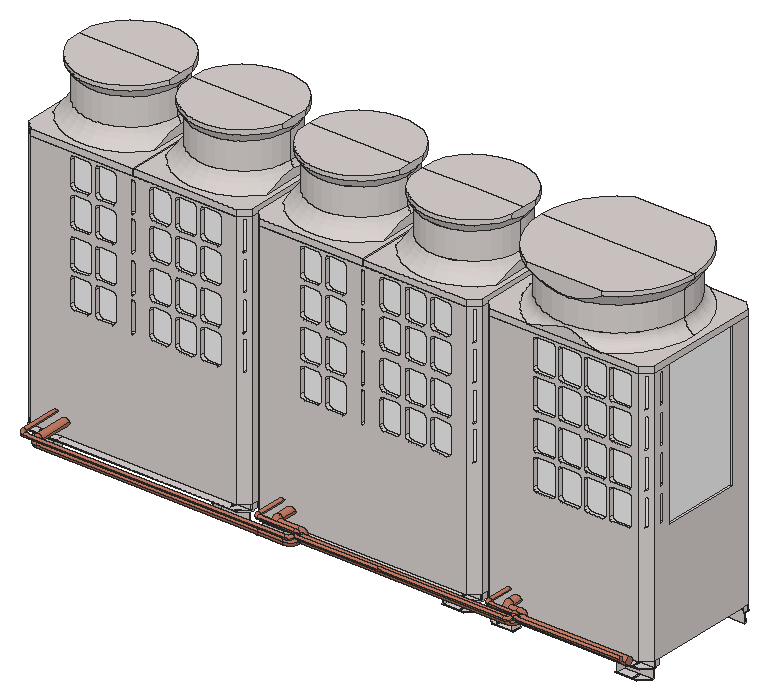
Revit family "PUHY-EP950YSNW-A", category Mechanical Equipment, Revit 2012 (continued)
Definition of nested family "PUHY-EP350YNW-A"
  Dimensions and locks
    cut or joined group 1 (Extrusion 1, Extrusion 2, Extrusion 3, Extrusion 4, Extrusion 5, Extrusion 6, Extrusion 7, Extrusion 8, Extrusion 9, Extrusion 10, Extrusion 11, Extrusion 12, Extrusion 13, Extrusion 14, Extrusion 15, Extrusion 16, Extrusion 17, Extrusion 18, Extrusion 19, Extrusion 20, Extrusion 21, Extrusion 22, Extrusion 23, Extrusion 24, Extrusion 25, Extrusion 26, Extrusion 27, Extrusion 28, Extrusion 29, Extrusion 30, Extrusion 31, Extrusion 32, Extrusion 33) to plane 3 "Center (Left/Right)" = 620 mm
    Extrusion 1 sketch curve to Extrusion 1 sketch curve = 1240 mm
    cut or joined group 1 to plane 8 = 185 mm
    cut or joined group 1 to plane 7 = 166 mm
    cut or joined group 1 to plane 6 = 110 mm
    cut or joined group 1 to plane 12 to cut or joined group 1 = 805 mm, 621 mm
    plane 5 to plane 2 = 1858 mm  (x2)
    cut or joined group 1 to plane 19 "132" = 132 mm
    cut or joined group 1 to plane 22 = 207 mm
    cut or joined group 1 to plane 23 = 256 mm
    cut or joined group 1 to plane 6 = 60 mm
    cut or joined group 1 to cut or joined group 1 = 42.154 mm
    cut or joined group 1 to cut or joined group 1 = 11.895 mm
    nested 1 to nested 3 to level = 1798 mm, 60 mm
    nested 1 to nested 1 = 303 mm
    nested 1 to nested 3 = 1495 mm
    nested 8 to nested 8 to nested 8 to nested 7 to nested 7 to nested 7 = 54 mm, 20 mm, 592 mm, 20 mm, 54 mm
    nested 3 to nested 3 = 56 mm
    plane 11 to plane 31 to plane 32 to cut or joined group 1 = 90 mm, 1060 mm, 90 mm
    curve 103 to nested 7 = 90 mm
    curve 104 to nested 7 = 125 mm
    curve 101 to nested 7 = 100 mm
    curve 11 to curve 13 to nested 7 = 84 mm, 71 mm
    cut or joined group 1 to curve 12 to curve 14 = 125 mm, 148 mm
    nested 2 to nested 7 = 1495 mm
    curve 87 to cut or joined group 1 = 152 mm
    curve 88 to cut or joined group 1 = 172 mm
    curve 89 to cut or joined group 1 = 216 mm
    cut or joined group 1 to curve 4 to curve 2 = 128 mm, 150 mm
    cut or joined group 1 to curve 1 to curve 3 = 79 mm, 94 mm
    Extrusion 32 sketch curve to nested 7 = 116 mm
    cut or joined group 1 to Extrusion 32 sketch curve = 160 mm
    cut or joined group 1 to Extrusion 33 sketch curve = 243 mm
    Extrusion 33 sketch curve to nested 7 = 116 mm
    cut or joined group 1 to cut or joined group 1 = 740 mm
    plane 30 to plane 4 = 740 mm
    aligned and locked: level to plane 2
    aligned and locked: Extrusion 1 to plane 4
  Nested families
    nested 1: "FAN GUARD" at (-311.5, 2, 860), type "FAN GUARD"
      with WIDTH 870 mm
    nested 2: "FAN GUARD" at (311.5, 2, 860) x (-1, 0, 0) z (0, 0, 1), type "FAN GUARD"
      with WIDTH 870 mm
    nested 3: "ATTACHMENT LEG" at (-524, -349, 0), type "ATTACHMENT LEG"
    nested 4: "ATTACHMENT LEG" at (-524, 349, 0), type "ATTACHMENT LEG"
    nested 5: "ATTACHMENT LEG" at (524, -349, 0) x (-1, 0, 0) z (0, 0, 1), type "ATTACHMENT LEG"
    nested 6: "ATTACHMENT LEG" at (524, 349, 0) x (-1, 0, 0) z (0, 0, 1), type "ATTACHMENT LEG"
    nested 7: "BASE LEG_L_" at (0, -352, 60), type "BASE LEG_L_"
      with Width 1240 mm
    nested 8: "BASE LEG_L_" at (0, 352, 60), type "BASE LEG_L_"
      with Width 1240 mm
  Connectors
    piping at (-460, -191, 176), driven by "Liquid pipe_radius"
      settings: on cut or joined group 1, index 3, connector radius 12.7 mm, flow factor 0, pipe flow 0.0 L/s, pressure drop 0.0 Pa, fitting loss kfactor 0, connector angle 0.00°, fixture units 0, engagement length 0 mm, flow configuration 0, flow direction 0, fitting loss method 0, system type 22, joint type 0, gender type 0, connector reference index -1, connector utility 0, adjustable connector no, is connector primary yes, fitting loss table "", connector description "Refrigerant service valve<Liquid pipe>"
    piping at (-377, -191, 176), driven by "Gas pipe_radius"
      settings: on cut or joined group 1, index 4, connector radius 14.29 mm, flow factor 0, pipe flow 0.0 L/s, pressure drop 0.0 Pa, fitting loss kfactor 0, connector angle 0.00°, fixture units 0, engagement length 0 mm, flow configuration 0, flow direction 0, fitting loss method 0, system type 22, joint type 0, gender type 0, connector reference index -1, connector utility 0, adjustable connector no, is connector primary no, fitting loss table "", connector description "Refrigerant service valve<Gas>"
    electrical at (0, -370, 808)
      settings: on cut or joined group 1, index 5, voltage 0 V, apparent load 0 VA, apparent load phase1 0 VA, apparent load phase2 0 VA, apparent load phase3 0 VA, power factor 1, load classification "HVAC", number of poles 1, system type 30, power factor state 1, is connector primary yes, connector utility no, sub classification motor no, connector description ""
  Definition of nested family "FAN GUARD"
    Parameters (values of type "FAN GUARD")
      WIDTH [instance] = 870 mm
    Reference planes
      plane 1 "中心(正面/背面)": y = -2
      plane 2: z = 0
      plane 3 "ファンガード基準面": z = 661
      plane 4: y = 368
      plane 5: x = 366
      plane 6: x = -375
      plane 7 "ファンガード基準上面": z = 695
      plane 8 "ファンガード上面": z = 998
      plane 9: x = -273.971
      plane 10: x = 308.5
      plane 11: x = -308.5
      plane 12: x = 0
    Forms (mm)
      Extrusion 1, solid, material "Paint_5Y 8/1"
        sketch origin (85, 0, 661) x (-1, 0, 0) y (0, -1, 0)
          loop
            line (343.5, -368) -> (393.5, -318) -> (393.5, 322) -> (343.5, 372) -> (-223.5, 372) -> (-223.5, -368) -> (343.5, -368)
        from 0 to 34
      Revolve 2, solid, material "Paint_5Y 8/1"
        sketch origin (0, -2, 0) x (1, 0, 0) y (0, 0, 1)
          loop
            line (0, 695) -> (0, 998) -> (-290, 998) -> (-290, 972.327) -> (-260, 928.372) -> (-260, 777.384)
            arc (-260, 777.384) -> (-290.651, 730.137) -> (-334.665, 695) r 175.882
            line (-334.665, 695) -> (0, 695)
          axis (0, 998) -> (0, 695)
        angle from 0 to 360
      Extrusion 3, void
        sketch origin (-840, 75, 695) x (-1, 0, 0) y (0, -1, 0)
          loop
            line (-410, -165) -> (-410, 315) -> (-561.253, 315) -> (-561.253, -165) -> (-410, -165)
        from -35 to 430.592
      Extrusion 4, void
        sketch origin (840, 75, 695) x (1, 0, 0) y (0, 1, 0)
          loop
            line (-410, 165) -> (-561.253, 165) -> (-561.253, -315) -> (-410, -315) -> (-410, 165)
        from 0 to 430.592
    Cuts and joins
      Extrusion 3, Extrusion 4 cuts Revolve 2
      Extrusion 4 cuts Extrusion 1
    Lines and regions (mm)
      model lines
        curve 1: line (-278.747, 0, 998) -> (-80, 0, 998)
        curve 2: line (80, 0, 998) -> (278.747, 0, 998)
        curve 3: circle (0, 0, 998) r 80 normal (0, 0, 1)
        curve 4: line (-278.747, -80, 998) -> (278.747, -80, 998)
        curve 5: line (-241.868, -160, 998) -> (241.868, -160, 998)
        curve 6: line (-162.788, -240, 998) -> (162.788, -240, 998)
        curve 7: line (-278.747, 80, 998) -> (278.747, 80, 998)
        curve 8: line (-241.868, 160, 998) -> (240, 160, 998)
        curve 9: line (-160, 240, 998) -> (162.788, 240, 998)
        curve 10: line (0, 290, 998) -> (0, -290, 998)
        curve 11: line (-20, 289.31, 998) -> (-20, -289.31, 998)
        curve 12: line (-40, 287.228, 998) -> (-40, -287.228, 998)
        curve 13: line (-60, 283.725, 998) -> (-60, -283.725, 998)
        curve 14: line (-80, 278.747, 998) -> (-80, -278.747, 998)
        curve 15: line (20, 289.31, 998) -> (20, -289.31, 998)
        curve 16: line (40, 287.228, 998) -> (40, -287.228, 998)
        curve 17: line (60, 283.725, 998) -> (60, -283.725, 998)
        curve 18: line (80, 278.747, 998) -> (80, -278.747, 998)
        curve 19: line (100, 272.213, 998) -> (100, -272.213, 998)
        curve 20: line (120, 264.008, 998) -> (120, -264.008, 998)
        curve 21: line (140, 253.969, 998) -> (140, -253.969, 998)
        curve 22: line (160, 241.868, 998) -> (160, -243.132, 998)
        curve 23: line (180, 227.376, 998) -> (180, -227.624, 998)
        curve 24: line (200, 210, 998) -> (200, -210, 998)
        curve 25: line (220, 188.944, 998) -> (220, -188.944, 998)
        curve 26: line (240, 160, 998) -> (240, -162.788, 998)
        curve 27: line (260, 128.452, 998) -> (260, -128.452, 998)
        curve 28: line (-100, 272.213, 998) -> (-100, -272.213, 998)
        curve 29: line (-120, 264.008, 998) -> (-120, -264.008, 998)
        curve 30: line (-140, 253.969, 998) -> (-140, -253.969, 998)
        curve 31: line (-160, 240, 998) -> (-160, -241.868, 998)
        curve 32: line (-180, 227.376, 998) -> (-180, -227.376, 998)
        curve 33: line (-200, 210, 998) -> (-200, -210, 998)
        curve 34: line (-220, 188.944, 998) -> (-220, -188.944, 998)
        curve 35: line (-240, 162.788, 998) -> (-240, -162.788, 998)
        curve 36: line (-260, 128.452, 998) -> (-260, -128.452, 998)
        curve 37: line (10, 79.373, 998) -> (10, -79.373, 998)
        curve 38: line (-10, 79.373, 998) -> (-10, -79.373, 998)
        curve 39: line (30, 74.162, 998) -> (30, -74.162, 998)
        curve 40: line (50, 62.45, 998) -> (50, -62.45, 998)
        curve 41: line (70, 38.73, 998) -> (70, -38.73, 998)
        curve 42: line (-30, 74.162, 998) -> (-30, -74.162, 998)
        curve 43: line (-50, 62.45, 998) -> (-50, -62.45, 998)
        curve 44: line (-70, 38.73, 998) -> (-70, -38.73, 998)
    Dimensions and locks
      locked: plane 8 "ファンガード上面" to plane 7 "ファンガード基準上面" at 303
      plane 8 "ファンガード上面" to plane 3 "ファンガード基準面" = 337 mm
      Revolve 2 sketch curve to Revolve 2 sketch curve = 290 mm
      Extrusion 1 sketch curve to Extrusion 1 sketch curve = 740 mm
      equal spacing: Extrusion 1 sketch curve, plane 1 "中心(正面/背面)", Extrusion 1 sketch curve
      plane 6 to plane 5 = 741 mm
      Extrusion 1 sketch curve to Extrusion 1 sketch curve = 617 mm
      plane 11 to plane 10 = 617 mm
      cut or joined group of Extrusion 1, Extrusion 4 to cut or joined group of Extrusion 1, Extrusion 4 = 617 mm
      cut or joined group of Extrusion 1, Extrusion 4 to cut or joined group of Extrusion 1, Extrusion 4 = 740 mm
      aligned and locked: level to plane 2
      aligned and locked: plane 7 "ファンガード基準上面" to Extrusion 1
      aligned and locked: plane 3 "ファンガード基準面" to Extrusion 1
      aligned and locked: cut or joined group of Revolve 2, Extrusion 3, Extrusion 4 to plane 8 "ファンガード上面"
  Definition of nested family "ATTACHMENT LEG"
    Parameters (values of type "ATTACHMENT LEG")
      Width = 145 mm
    Reference planes
      plane 1: z = 0
      plane 2 "中心(左/右)": x = -6
      plane 3: x = -52
      plane 4: x = 85
      plane 5: x = 93
      plane 6: y = -21
      plane 7: y = 27
      plane 8: x = -30
      plane 9: y = 39
      plane 10: z = 60
      plane 11: z = 57
      plane 12: z = 3
      plane 13: x = 82
      plane 14: y = 36
      plane 15: x = -75
      plane 16: y = 31
      plane 17 "幅": x = 93
      plane 18: y = 2.5
      plane 19: y = 21
      plane 20: y = -10
    Forms (mm)
      Extrusion 1, solid, material "Paint_5Y 8/1"
        sketch origin (0, -1, 0) x (1, 0, 0) y (0, 1, 0)
          loop
            line (-75, 36) -> (-75, 27) -> (-28, -20) -> (93, -20) -> (93, 32) -> (85, 32) -> (85, 36) -> (-75, 36)
        from 0 to 60
      Extrusion 2, void
        sketch origin (0, -3, 0) x (1, 0, 0) y (0, 0, 1)
          loop
            line (-75, 57) -> (-75, 3) -> (82, 3) -> (82, 57) -> (-75, 57)
          loop
            line (93, 57) -> (85, 57) -> (85, 3) -> (93, 3) -> (93, 57)
        from -35 to 18
      Extrusion 3, void
        sketch origin (-6, 5.5, 0) x (1, 0, 0) y (0, 1, 0)
          loop
            arc (-7, -8.5) -> (0, -15.5) -> (7, -8.5) r 7
            line (7, -8.5) -> (7, 8.5)
            arc (7, 8.5) -> (0, 15.5) -> (-7, 8.5) r 7
            line (-7, 8.5) -> (-7, -8.5)
        from 0 to 60
    Cuts and joins
      Extrusion 2, Extrusion 3 cuts Extrusion 1
    Dimensions and locks
      locked: plane 3 to plane 4 at 137
      locked: plane 3 to plane 5 at 145
      plane 6 to plane 7 = 48 mm
      locked: plane 10 to level at 60
      Extrusion 3 sketch curve to plane 2 "中心(左/右)" = 7 mm
      locked: plane 15 to plane 2 "中心(左/右)" at 69
      locked: plane 15 to plane 8 at 45
      locked: plane 6 to plane 18 at 23.5
      cut or joined group of Extrusion 1, Extrusion 2, Extrusion 3 to cut or joined group of Extrusion 1, Extrusion 2, Extrusion 3 = 168 mm
      cut or joined group of Extrusion 1, Extrusion 2, Extrusion 3 to cut or joined group of Extrusion 1, Extrusion 2, Extrusion 3 = 56 mm  (x2)
      plane 14 to plane 6 = 57 mm
      aligned and locked: level to plane 1
      aligned and locked: Extrusion 1 sketch curve to plane 4
      aligned and locked: Extrusion 1 sketch curve to plane 5
      aligned: plane 8 to Extrusion 1 sketch curve
      aligned and locked: plane 10 to Extrusion 1
      aligned and locked: Extrusion 2 sketch curve to plane 11
      aligned: plane 3 to Extrusion 2 sketch curve
      aligned and locked: plane 12 to Extrusion 2 sketch curve
      aligned and locked: Extrusion 2 sketch curve to plane 13
      aligned and locked: plane 6 to Extrusion 2
      aligned and locked: plane 11 to Extrusion 2 sketch curve
      aligned and locked: plane 5 to Extrusion 2 sketch curve
      aligned and locked: Extrusion 2 sketch curve to plane 12
      aligned and locked: Extrusion 2 sketch curve to plane 4
      aligned and locked: plane 15 to Extrusion 1 sketch curve
      aligned and locked: Extrusion 2 sketch curve to cut or joined group of Extrusion 1, Extrusion 2, Extrusion 3
      aligned and locked: Extrusion 1 to plane 16
  Definition of nested family "BASE LEG_L_"
    Parameters (values of type "BASE LEG_L_")
      Width [instance] = 1240 mm
    Reference planes
      plane 1 "中心(正面/背面)": y = 0
      plane 2: z = 0
      plane 3 "中心(左/右)": x = 0
      plane 4: x = 620
      plane 5: x = -620
      plane 6: x = -530
      plane 7: x = 530
      plane 8: y = -18
      plane 9: y = 39
      plane 10: z = 53
      plane 11: y = 42
      plane 12: y = 27
      plane 13: x = 575
      plane 14: x = -575
      plane 15: z = 8
      plane 16: y = 11.5
      plane 17: z = 35
    Forms (mm)
      Extrusion 1, solid, material "Paint_5Y 8/1"
        sketch origin (0, 0, 0) x (0, 1, 0) y (0, 0, 1)
          loop
            line (-18, 0) -> (36, 0) -> (36, 32) -> (56, 32) -> (56, 35) -> (33, 35) -> (33, 3) -> (-18, 3) -> (-18, 0)
        from -620 to 620
      Extrusion 2, void
        sketch origin (0, 0, 0) x (1, 0, 0) y (0, 1, 0)
          loop
            line (575, -18) -> (620, -18) -> (620, 27) -> (575, -18)
          loop
            line (-575, -18) -> (-620, 27) -> (-620, -18) -> (-575, -18)
        from 0 to 250
      Extrusion 3, void
        sketch origin (0, 12.023, 0) x (1, 0, 0) y (0, 1, 0)
          loop
            arc (523, -2.971) -> (530, -9.971) -> (537, -2.971) r 7
            line (537, -2.971) -> (537, 3.023)
            arc (537, 3.023) -> (530, 10.023) -> (523, 3.023) r 7
            line (523, 3.023) -> (523, -2.971)
          loop
            line (-523, -2.971) -> (-523, 3.023)
            arc (-523, 3.023) -> (-530, 10.023) -> (-537, 3.023) r 7
            line (-537, 3.023) -> (-537, -2.971)
            arc (-537, -2.971) -> (-530, -9.971) -> (-523, -2.971) r 7
        from 0 to 250
      Extrusion 4, solid, material "Paint_5Y 8/1"
        sketch origin (0, 0, -3) x (1, 0, 0) y (0, 0, 1)
          loop
            line (617, 8) -> (620, 8) -> (620, 35) -> (617, 35) -> (617, 8)
          loop
            line (-617, 8) -> (-617, 35) -> (-620, 35) -> (-620, 8) -> (-617, 8)
        from -36 to -56
      Extrusion 5, solid, material "Paint_5Y 8/1"
        sketch origin (150, 352, 0) x (1, 0, 0) y (0, 1, 0)
          loop
            line (460, -319) -> (455, -319) -> (455, -320) -> (405, -370) -> (410, -370) -> (460, -320) -> (460, -319)
        from 3 to 35
      Extrusion 6, void
        sketch origin (560, -18, 0) x (0.707107, 0.707107, 0) y (0, 0, 1)
          loop
            line (70.711, 3) -> (-6.741, 39.767) -> (-6.741, 3) -> (70.711, 3)
        from -190.256 to 23.776
      Extrusion 7, solid, material "Paint_5Y 8/1"
        sketch origin (-150, 352, 0) x (-1, 0, 0) y (0, -1, 0)
          loop
            line (460, 319) -> (460, 320) -> (410, 370) -> (405, 370) -> (455, 320) -> (455, 319) -> (460, 319)
        from 3 to 35
      Extrusion 8, void
        sketch origin (-560, -18, 0) x (0.707107, -0.707107, 0) y (0, 0, -1)
          loop
            line (-70.711, -3) -> (0, -35) -> (6.741, -35) -> (6.741, -3) -> (-70.711, -3)
        from -190.256 to 23.776
    Cuts and joins
      Extrusion 2, Extrusion 3 cuts Extrusion 1
      joined: Extrusion 1, Extrusion 4
      Extrusion 8 cuts Extrusion 7
      Extrusion 6 cuts Extrusion 5
    Dimensions and locks
      "Width": plane 5 to plane 4
      equal spacing: plane 5, plane 3 "中心(左/右)", plane 4
      locked: plane 5 to plane 6 at 90
      locked: plane 7 to plane 4 at 90
      locked: plane 8 to plane 9 at 57
      locked: plane 10 to level at 53
      locked: plane 9 to plane 11 at 3
      plane 8 to plane 12 = 45 mm
      locked: plane 13 to plane 4 at 45
      locked: plane 5 to plane 14 at 45
      equal spacing: Extrusion 3 sketch curve, plane 7, Extrusion 3 sketch curve
      equal spacing: Extrusion 3 sketch curve, plane 6, Extrusion 3 sketch curve
      locked: plane 10 to plane 15 at 45
      locked: cut or joined group of Extrusion 1, Extrusion 2, Extrusion 3, Extrusion 4 to Extrusion 4 sketch curve at 3  (x2)
      locked: plane 8 to plane 16 at 29.5
      plane 8 to plane 11 = 60 mm
      cut or joined group of Extrusion 1, Extrusion 2, Extrusion 3, Extrusion 4 to cut or joined group of Extrusion 1, Extrusion 2, Extrusion 3, Extrusion 4 = 35 mm
      aligned and locked: level to plane 2
      aligned and locked: plane 8 to Extrusion 1 sketch curve
      aligned and locked: plane 4 to Extrusion 1
      aligned and locked: Extrusion 1 to plane 5
      aligned and locked: Extrusion 2 sketch curve to plane 4
      aligned and locked: Extrusion 2 sketch curve to plane 8
      aligned and locked: plane 12 to Extrusion 2 sketch curve
      aligned and locked: plane 13 to Extrusion 2 sketch curve
      aligned and locked: plane 4 to Extrusion 4 sketch curve
      aligned and locked: plane 5 to Extrusion 4 sketch curve
      aligned and locked: cut or joined group of Extrusion 7, Extrusion 8 to cut or joined group of Extrusion 1, Extrusion 2, Extrusion 3, Extrusion 4
    Automatic sketch dimensions
      Extrusion 3 sketch curve to plane 1 "中心(正面/背面)" = 9.052 mm  (x2)
      Extrusion 3 sketch curve to plane 7 = 7 mm
      Extrusion 3 sketch curve to plane 1 "中心(正面/背面)" = 15.046 mm  (x2)
      Extrusion 3 sketch curve to plane 6 = 7 mm
      Extrusion 2 sketch curve to plane 5 = 0 mm
      plane 8 to Extrusion 2 sketch curve = 0 mm
      Extrusion 2 sketch curve to plane 14 = 0 mm
      plane 12 to Extrusion 2 sketch curve = 0 mm
      Extrusion 4 sketch curve to plane 10 = 21 mm
      plane 7 to Extrusion 5 sketch curve = 25 mm
      Extrusion 5 sketch curve to Extrusion 5 sketch curve = 5 mm  (x2)
      plane 7 to Extrusion 5 sketch curve = 75 mm
      plane 8 to Extrusion 5 sketch curve = 0 mm
      Extrusion 5 sketch curve to Extrusion 5 sketch curve = 50 mm
      Extrusion 5 sketch curve to Extrusion 5 sketch curve = 0 mm
      Extrusion 5 sketch curve to Extrusion 5 sketch curve = 1 mm
      Extrusion 6 sketch curve to Extrusion 5 = 0 mm  (x2)
      Extrusion 6 sketch curve to Extrusion 5 = 6.741 mm
      Extrusion 6 sketch curve to Extrusion 5 = 4.767 mm
      plane 6 to Extrusion 7 sketch curve = 25 mm
      Extrusion 7 sketch curve to Extrusion 7 sketch curve = 5 mm  (x2)
      Extrusion 7 sketch curve to Extrusion 7 sketch curve = 45 mm
      Extrusion 7 sketch curve to plane 8 = 0 mm
      Extrusion 7 sketch curve to Extrusion 7 sketch curve = 50 mm
      Extrusion 7 sketch curve to Extrusion 7 sketch curve = 0 mm
      Extrusion 7 sketch curve to Extrusion 7 sketch curve = 1 mm
      Extrusion 8 sketch curve to Extrusion 7 = 0 mm  (x2)
      Extrusion 7 to Extrusion 8 sketch curve = 0 mm  (x2)
      Extrusion 7 to Extrusion 8 sketch curve = 6.741 mm
      Extrusion 4 sketch curve to plane 17 = 3 mm
      Extrusion 4 sketch curve to plane 15 = 3 mm  (x2)
      Extrusion 1 sketch curve to plane 17 = 0 mm
      Extrusion 1 sketch curve to level = 0 mm
      level to Extrusion 1 sketch curve = 3 mm
      plane 9 to Extrusion 1 sketch curve = 6 mm
      plane 9 to Extrusion 1 sketch curve = 3 mm
      Extrusion 1 sketch curve to plane 17 = 3 mm
      Extrusion 1 sketch curve to plane 11 = 14 mm
Definition of nested family "PUHY-EP250YNW-A"
  Parameters (values of type "PUHY-P250YNW-A")
    Model = "PUHY-P250YNW-A"
    URL = "http://www.mitsubishielectric.com/"
    Manufacturer = "Mitsubishi Electric Corporation"
    Liquid pipe_radius = 4.76 mm
    Gas pipe_radius = 11.1 mm
  Reference planes
    plane 1 "Center (Front/Back)": y = 0
    plane 2: z = 0
    plane 3 "Center (Left/Right)": x = 0
    plane 4 "11": through (-415, 370, 1200) normal (0.7071, -0.7071, 0)
    plane 5 "22": through (-415, -370, 1200) normal (-0.7071, -0.7071, 0)
    plane 6 "44": through (460, 325, 1200) normal (-0.7071, -0.7071, 0)
    plane 7 "33": through (460, -325, 1200) normal (0.7071, -0.7071, 0)
    plane 8: z = 754.5
    plane 9: z = 909.5
    plane 10: x = -300
    plane 11: x = -217
    plane 12: y = 370
    plane 13: y = -370
    plane 14: x = -460
    plane 15: x = 460
  Forms (mm)
    Extrusion 1, solid, material "Paint_5Y 8/1"
      sketch origin (0, 0, 113) x (-1, 0, 0) y (0, -1, 0)
        loop
          line (410, -370) -> (460, -320) -> (460, 320) -> (410, 370) -> (-410, 370) -> (-460, 320) -> (-460, -320) -> (-410, -370) -> (410, -370)
      from -18 to 1408
    Extrusion 2, void
      sketch origin (410, -370, 113) x (1, 0, 0) y (0, 0, -1)
        loop
          arc (-55, -1393.5) -> (-40.858, -1387.642) -> (-35, -1373.5) r 20
          line (-35, -1373.5) -> (-35, -1238.676)
          arc (-35, -1238.676) -> (-40.858, -1224.534) -> (-55, -1218.676) r 20
          line (-55, -1218.676) -> (-139.8, -1218.676)
          arc (-139.8, -1218.676) -> (-153.942, -1224.534) -> (-159.8, -1238.676) r 20
          line (-159.8, -1238.676) -> (-159.8, -1373.5)
          arc (-159.8, -1373.5) -> (-153.942, -1387.642) -> (-139.8, -1393.5) r 20
          line (-139.8, -1393.5) -> (-55, -1393.5)
      from 0 to 20
    Extrusion 3, void
      sketch origin (270, -370, 113) x (1, 0, 0) y (0, 0, -1)
        loop
          arc (-55, -1393.5) -> (-40.858, -1387.642) -> (-35, -1373.5) r 20
          line (-35, -1373.5) -> (-35, -1238.676)
          arc (-35, -1238.676) -> (-40.858, -1224.534) -> (-55, -1218.676) r 20
          line (-55, -1218.676) -> (-139.8, -1218.676)
          arc (-139.8, -1218.676) -> (-153.942, -1224.534) -> (-159.8, -1238.676) r 20
          line (-159.8, -1238.676) -> (-159.8, -1373.5)
          arc (-159.8, -1373.5) -> (-153.942, -1387.642) -> (-139.8, -1393.5) r 20
          line (-139.8, -1393.5) -> (-55, -1393.5)
      from 0 to 20
    Extrusion 4, void
      sketch origin (130, -370, 113) x (1, 0, 0) y (0, 0, -1)
        loop
          arc (-55, -1393.5) -> (-40.858, -1387.642) -> (-35, -1373.5) r 20
          line (-35, -1373.5) -> (-35, -1238.676)
          arc (-35, -1238.676) -> (-40.858, -1224.534) -> (-55, -1218.676) r 20
          line (-55, -1218.676) -> (-139.8, -1218.676)
          arc (-139.8, -1218.676) -> (-153.942, -1224.534) -> (-159.8, -1238.676) r 20
          line (-159.8, -1238.676) -> (-159.8, -1373.5)
          arc (-159.8, -1373.5) -> (-153.942, -1387.642) -> (-139.8, -1393.5) r 20
          line (-139.8, -1393.5) -> (-55, -1393.5)
      from 0 to 20
    Extrusion 5, void
      sketch origin (-10, -370, 113) x (1, 0, 0) y (0, 0, -1)
        loop
          arc (-55, -1393.5) -> (-40.858, -1387.642) -> (-35, -1373.5) r 20
          line (-35, -1373.5) -> (-35, -1238.676)
          arc (-35, -1238.676) -> (-40.858, -1224.534) -> (-55, -1218.676) r 20
          line (-55, -1218.676) -> (-139.8, -1218.676)
          arc (-139.8, -1218.676) -> (-153.942, -1224.534) -> (-159.8, -1238.676) r 20
          line (-159.8, -1238.676) -> (-159.8, -1373.5)
          arc (-159.8, -1373.5) -> (-153.942, -1387.642) -> (-139.8, -1393.5) r 20
          line (-139.8, -1393.5) -> (-55, -1393.5)
      from 0 to 20
    Extrusion 6, void
      sketch origin (410, -370, -81) x (1, 0, 0) y (0, 0, -1)
        loop
          arc (-55, -1393.5) -> (-40.858, -1387.642) -> (-35, -1373.5) r 20
          line (-35, -1373.5) -> (-35, -1238.676)
          arc (-35, -1238.676) -> (-40.858, -1224.534) -> (-55, -1218.676) r 20
          line (-55, -1218.676) -> (-139.8, -1218.676)
          arc (-139.8, -1218.676) -> (-153.942, -1224.534) -> (-159.8, -1238.676) r 20
          line (-159.8, -1238.676) -> (-159.8, -1373.5)
          arc (-159.8, -1373.5) -> (-153.942, -1387.642) -> (-139.8, -1393.5) r 20
          line (-139.8, -1393.5) -> (-55, -1393.5)
      from 0 to 20
    Extrusion 7, void
      sketch origin (270, -370, -81) x (1, 0, 0) y (0, 0, -1)
        loop
          arc (-55, -1393.5) -> (-40.858, -1387.642) -> (-35, -1373.5) r 20
          line (-35, -1373.5) -> (-35, -1238.676)
          arc (-35, -1238.676) -> (-40.858, -1224.534) -> (-55, -1218.676) r 20
          line (-55, -1218.676) -> (-139.8, -1218.676)
          arc (-139.8, -1218.676) -> (-153.942, -1224.534) -> (-159.8, -1238.676) r 20
          line (-159.8, -1238.676) -> (-159.8, -1373.5)
          arc (-159.8, -1373.5) -> (-153.942, -1387.642) -> (-139.8, -1393.5) r 20
          line (-139.8, -1393.5) -> (-55, -1393.5)
      from 0 to 20
    Extrusion 8, void
      sketch origin (130, -370, -81) x (1, 0, 0) y (0, 0, -1)
        loop
          arc (-55, -1393.5) -> (-40.858, -1387.642) -> (-35, -1373.5) r 20
          line (-35, -1373.5) -> (-35, -1238.676)
          arc (-35, -1238.676) -> (-40.858, -1224.534) -> (-55, -1218.676) r 20
          line (-55, -1218.676) -> (-139.8, -1218.676)
          arc (-139.8, -1218.676) -> (-153.942, -1224.534) -> (-159.8, -1238.676) r 20
          line (-159.8, -1238.676) -> (-159.8, -1373.5)
          arc (-159.8, -1373.5) -> (-153.942, -1387.642) -> (-139.8, -1393.5) r 20
          line (-139.8, -1393.5) -> (-55, -1393.5)
      from 0 to 20
    Extrusion 9, void
      sketch origin (-10, -370, -81) x (1, 0, 0) y (0, 0, -1)
        loop
          arc (-55, -1393.5) -> (-40.858, -1387.642) -> (-35, -1373.5) r 20
          line (-35, -1373.5) -> (-35, -1238.676)
          arc (-35, -1238.676) -> (-40.858, -1224.534) -> (-55, -1218.676) r 20
          line (-55, -1218.676) -> (-139.8, -1218.676)
          arc (-139.8, -1218.676) -> (-153.942, -1224.534) -> (-159.8, -1238.676) r 20
          line (-159.8, -1238.676) -> (-159.8, -1373.5)
          arc (-159.8, -1373.5) -> (-153.942, -1387.642) -> (-139.8, -1393.5) r 20
          line (-139.8, -1393.5) -> (-55, -1393.5)
      from 0 to 20
    Extrusion 10, void
      sketch origin (410, -370, -287) x (1, 0, 0) y (0, 0, -1)
        loop
          arc (-55, -1393.5) -> (-40.858, -1387.642) -> (-35, -1373.5) r 20
          line (-35, -1373.5) -> (-35, -1238.676)
          arc (-35, -1238.676) -> (-40.858, -1224.534) -> (-55, -1218.676) r 20
          line (-55, -1218.676) -> (-139.8, -1218.676)
          arc (-139.8, -1218.676) -> (-153.942, -1224.534) -> (-159.8, -1238.676) r 20
          line (-159.8, -1238.676) -> (-159.8, -1373.5)
          arc (-159.8, -1373.5) -> (-153.942, -1387.642) -> (-139.8, -1393.5) r 20
          line (-139.8, -1393.5) -> (-55, -1393.5)
      from 0 to 20
    Extrusion 11, void
      sketch origin (270, -370, -287) x (1, 0, 0) y (0, 0, -1)
        loop
          arc (-55, -1393.5) -> (-40.858, -1387.642) -> (-35, -1373.5) r 20
          line (-35, -1373.5) -> (-35, -1238.676)
          arc (-35, -1238.676) -> (-40.858, -1224.534) -> (-55, -1218.676) r 20
          line (-55, -1218.676) -> (-139.8, -1218.676)
          arc (-139.8, -1218.676) -> (-153.942, -1224.534) -> (-159.8, -1238.676) r 20
          line (-159.8, -1238.676) -> (-159.8, -1373.5)
          arc (-159.8, -1373.5) -> (-153.942, -1387.642) -> (-139.8, -1393.5) r 20
          line (-139.8, -1393.5) -> (-55, -1393.5)
      from 0 to 20
    Extrusion 12, void
      sketch origin (130, -370, -287) x (1, 0, 0) y (0, 0, -1)
        loop
          arc (-55, -1393.5) -> (-40.858, -1387.642) -> (-35, -1373.5) r 20
          line (-35, -1373.5) -> (-35, -1238.676)
          arc (-35, -1238.676) -> (-40.858, -1224.534) -> (-55, -1218.676) r 20
          line (-55, -1218.676) -> (-139.8, -1218.676)
          arc (-139.8, -1218.676) -> (-153.942, -1224.534) -> (-159.8, -1238.676) r 20
          line (-159.8, -1238.676) -> (-159.8, -1373.5)
          arc (-159.8, -1373.5) -> (-153.942, -1387.642) -> (-139.8, -1393.5) r 20
          line (-139.8, -1393.5) -> (-55, -1393.5)
      from 0 to 20
    Extrusion 13, void
      sketch origin (-10, -370, -287) x (1, 0, 0) y (0, 0, -1)
        loop
          arc (-55, -1393.5) -> (-40.858, -1387.642) -> (-35, -1373.5) r 20
          line (-35, -1373.5) -> (-35, -1238.676)
          arc (-35, -1238.676) -> (-40.858, -1224.534) -> (-55, -1218.676) r 20
          line (-55, -1218.676) -> (-139.8, -1218.676)
          arc (-139.8, -1218.676) -> (-153.942, -1224.534) -> (-159.8, -1238.676) r 20
          line (-159.8, -1238.676) -> (-159.8, -1373.5)
          arc (-159.8, -1373.5) -> (-153.942, -1387.642) -> (-139.8, -1393.5) r 20
          line (-139.8, -1393.5) -> (-55, -1393.5)
      from 0 to 20
    Extrusion 14, void
      sketch origin (410, -370, -481) x (1, 0, 0) y (0, 0, -1)
        loop
          arc (-55, -1393.5) -> (-40.858, -1387.642) -> (-35, -1373.5) r 20
          line (-35, -1373.5) -> (-35, -1238.676)
          arc (-35, -1238.676) -> (-40.858, -1224.534) -> (-55, -1218.676) r 20
          line (-55, -1218.676) -> (-139.8, -1218.676)
          arc (-139.8, -1218.676) -> (-153.942, -1224.534) -> (-159.8, -1238.676) r 20
          line (-159.8, -1238.676) -> (-159.8, -1373.5)
          arc (-159.8, -1373.5) -> (-153.942, -1387.642) -> (-139.8, -1393.5) r 20
          line (-139.8, -1393.5) -> (-55, -1393.5)
      from 0 to 20
    Extrusion 15, void
      sketch origin (270, -370, -481) x (1, 0, 0) y (0, 0, -1)
        loop
          arc (-55, -1393.5) -> (-40.858, -1387.642) -> (-35, -1373.5) r 20
          line (-35, -1373.5) -> (-35, -1238.676)
          arc (-35, -1238.676) -> (-40.858, -1224.534) -> (-55, -1218.676) r 20
          line (-55, -1218.676) -> (-139.8, -1218.676)
          arc (-139.8, -1218.676) -> (-153.942, -1224.534) -> (-159.8, -1238.676) r 20
          line (-159.8, -1238.676) -> (-159.8, -1373.5)
          arc (-159.8, -1373.5) -> (-153.942, -1387.642) -> (-139.8, -1393.5) r 20
          line (-139.8, -1393.5) -> (-55, -1393.5)
      from 0 to 20
    Extrusion 16, void
      sketch origin (130, -370, -481) x (1, 0, 0) y (0, 0, -1)
        loop
          arc (-55, -1393.5) -> (-40.858, -1387.642) -> (-35, -1373.5) r 20
          line (-35, -1373.5) -> (-35, -1238.676)
          arc (-35, -1238.676) -> (-40.858, -1224.534) -> (-55, -1218.676) r 20
          line (-55, -1218.676) -> (-139.8, -1218.676)
          arc (-139.8, -1218.676) -> (-153.942, -1224.534) -> (-159.8, -1238.676) r 20
          line (-159.8, -1238.676) -> (-159.8, -1373.5)
          arc (-159.8, -1373.5) -> (-153.942, -1387.642) -> (-139.8, -1393.5) r 20
          line (-139.8, -1393.5) -> (-55, -1393.5)
      from 0 to 20
    Extrusion 17, void
      sketch origin (-10, -370, -481) x (1, 0, 0) y (0, 0, -1)
        loop
          arc (-55, -1393.5) -> (-40.858, -1387.642) -> (-35, -1373.5) r 20
          line (-35, -1373.5) -> (-35, -1238.676)
          arc (-35, -1238.676) -> (-40.858, -1224.534) -> (-55, -1218.676) r 20
          line (-55, -1218.676) -> (-139.8, -1218.676)
          arc (-139.8, -1218.676) -> (-153.942, -1224.534) -> (-159.8, -1238.676) r 20
          line (-159.8, -1238.676) -> (-159.8, -1373.5)
          arc (-159.8, -1373.5) -> (-153.942, -1387.642) -> (-139.8, -1393.5) r 20
          line (-139.8, -1393.5) -> (-55, -1393.5)
      from 0 to 20
    Extrusion 18, solid
      sketch origin (0, -189, -3) x (0, 0, -1) y (-1, 0, 0)
        loop
          circle (-179, 217) r 11.1
      from 0 to 150
    Extrusion 19, solid
      sketch origin (0, -172, -3) x (0, 0, -1) y (-1, 0, 0)
        loop
          circle (-179, 300) r 4.76
      from 0 to 150
    Extrusion 20, void
      sketch origin (-460, -320, 113) x (0, -1, 0) y (0, 0, -1)
        loop
          line (-611.5, -1236.511) -> (-611.5, -1386.5)
          arc (-611.5, -1386.5) -> (-601.5, -1396.5) -> (-591.5, -1386.5) r 10
          line (-591.5, -1386.5) -> (-591.5, -1236.511)
          arc (-591.5, -1236.511) -> (-601.5, -1226.511) -> (-611.5, -1236.511) r 10
      from 0 to 20
    Extrusion 21, void
      sketch origin (-460, -320, -87.006) x (0, -1, 0) y (0, 0, -1)
        loop
          line (-611.5, -1236.511) -> (-611.5, -1386.5)
          arc (-611.5, -1386.5) -> (-601.5, -1396.5) -> (-591.5, -1386.5) r 10
          line (-591.5, -1386.5) -> (-591.5, -1236.511)
          arc (-591.5, -1236.511) -> (-601.5, -1226.511) -> (-611.5, -1236.511) r 10
      from 0 to 20
    Extrusion 22, void
      sketch origin (-460, -320, -287.006) x (0, -1, 0) y (0, 0, -1)
        loop
          line (-611.5, -1236.511) -> (-611.5, -1386.5)
          arc (-611.5, -1386.5) -> (-601.5, -1396.5) -> (-591.5, -1386.5) r 10
          line (-591.5, -1386.5) -> (-591.5, -1236.511)
          arc (-591.5, -1236.511) -> (-601.5, -1226.511) -> (-611.5, -1236.511) r 10
      from 0 to 20
    Extrusion 23, void
      sketch origin (-460, -320, -479.506) x (0, -1, 0) y (0, 0, -1)
        loop
          line (-611.5, -1244.006) -> (-611.5, -1379.006)
          arc (-611.5, -1379.006) -> (-601.5, -1389.006) -> (-591.5, -1379.006) r 10
          line (-591.5, -1379.006) -> (-591.5, -1244.006)
          arc (-591.5, -1244.006) -> (-601.5, -1234.006) -> (-611.5, -1244.006) r 10
      from 0 to 20
    Extrusion 24, void
      sketch origin (-460, -320, 113) x (0, -1, 0) y (0, 0, -1)
        loop
          line (-543, -1408) -> (-215, -1408) -> (-215, -632) -> (-543, -632) -> (-543, -1408)
      from 0 to 20
    Extrusion 25, void
      sketch origin (-410, 370, 113) x (0.707107, 0.707107, 0) y (0, 0, 1)
        loop
          line (-27.158, 1236.539) -> (-27.158, 1386.461)
          arc (-27.158, 1386.461) -> (-37.158, 1396.461) -> (-47.158, 1386.461) r 10
          line (-47.158, 1386.461) -> (-47.158, 1236.539)
          arc (-47.158, 1236.539) -> (-37.158, 1226.539) -> (-27.158, 1236.539) r 10
        loop
          line (-27.158, 1036.539) -> (-27.158, 1186.461)
          arc (-27.158, 1186.461) -> (-37.158, 1196.461) -> (-47.158, 1186.461) r 10
          line (-47.158, 1186.461) -> (-47.158, 1036.539)
          arc (-47.158, 1036.539) -> (-37.158, 1026.539) -> (-27.158, 1036.539) r 10
        loop
          line (-27.158, 836.539) -> (-27.158, 986.461)
          arc (-27.158, 986.461) -> (-37.158, 996.461) -> (-47.158, 986.461) r 10
          line (-47.158, 986.461) -> (-47.158, 836.539)
          arc (-47.158, 836.539) -> (-37.158, 826.539) -> (-27.158, 836.539) r 10
        loop
          line (-27.158, 652.5) -> (-27.158, 785.5)
          arc (-27.158, 785.5) -> (-37.158, 795.5) -> (-47.158, 785.5) r 10
          line (-47.158, 785.5) -> (-47.158, 652.5)
          arc (-47.158, 652.5) -> (-37.158, 642.5) -> (-27.158, 652.5) r 10
      from 0 to 20
    Extrusion 26, void
      sketch origin (460, -320, 113) x (0.707107, 0.707107, 0) y (0, 0, -1)
        loop
          arc (-25.5, -1236.423) -> (-35.5, -1226.423) -> (-45.5, -1236.423) r 10
          line (-45.5, -1236.423) -> (-45.5, -1386.487)
          arc (-45.5, -1386.487) -> (-35.5, -1396.487) -> (-25.5, -1386.487) r 10
          line (-25.5, -1386.487) -> (-25.5, -1236.423)
      from 0 to 20
    Extrusion 27, void
      sketch origin (460, -320, -86.884) x (0.707107, 0.707107, 0) y (0, 0, -1)
        loop
          arc (-25.5, -1236.423) -> (-35.5, -1226.423) -> (-45.5, -1236.423) r 10
          line (-45.5, -1236.423) -> (-45.5, -1386.487)
          arc (-45.5, -1386.487) -> (-35.5, -1396.487) -> (-25.5, -1386.487) r 10
          line (-25.5, -1386.487) -> (-25.5, -1236.423)
      from 0 to 20
    Extrusion 28, void
      sketch origin (460, -320, -286.884) x (0.707107, 0.707107, 0) y (0, 0, -1)
        loop
          arc (-25.5, -1236.423) -> (-35.5, -1226.423) -> (-45.5, -1236.423) r 10
          line (-45.5, -1236.423) -> (-45.5, -1386.487)
          arc (-45.5, -1386.487) -> (-35.5, -1396.487) -> (-25.5, -1386.487) r 10
          line (-25.5, -1386.487) -> (-25.5, -1236.423)
      from 0 to 20
    Extrusion 29, void
      sketch origin (460, -320, -487.987) x (0.707107, 0.707107, 0) y (0, 0, -1)
        loop
          arc (-25.5, -1253.487) -> (-35.5, -1243.487) -> (-45.5, -1253.487) r 10
          line (-45.5, -1253.487) -> (-45.5, -1386.487)
          arc (-45.5, -1386.487) -> (-35.5, -1396.487) -> (-25.5, -1386.487) r 10
          line (-25.5, -1386.487) -> (-25.5, -1253.487)
      from 0 to 20
    Extrusion 30, void
      sketch origin (460, 320, 113) x (0, 1, 0) y (0, 0, -1)
        loop
          line (-604, -1236.423) -> (-604, -1386.487)
          arc (-604, -1386.487) -> (-594, -1396.487) -> (-584, -1386.487) r 10
          line (-584, -1386.487) -> (-584, -1236.423)
          arc (-584, -1236.423) -> (-594, -1226.423) -> (-604, -1236.423) r 10
        loop
          line (-604, -1036.539) -> (-604, -1186.603)
          arc (-604, -1186.603) -> (-594, -1196.603) -> (-584, -1186.603) r 10
          line (-584, -1186.603) -> (-584, -1036.539)
          arc (-584, -1036.539) -> (-594, -1026.539) -> (-604, -1036.539) r 10
        loop
          line (-604, -836.539) -> (-604, -986.603)
          arc (-604, -986.603) -> (-594, -996.603) -> (-584, -986.603) r 10
          line (-584, -986.603) -> (-584, -836.539)
          arc (-584, -836.539) -> (-594, -826.539) -> (-604, -836.539) r 10
        loop
          line (-604, -652.5) -> (-604, -785.5)
          arc (-604, -785.5) -> (-594, -795.5) -> (-584, -785.5) r 10
          line (-584, -785.5) -> (-584, -652.5)
          arc (-584, -652.5) -> (-594, -642.5) -> (-604, -652.5) r 10
      from 0 to 20
    Extrusion 31, void
      sketch origin (460, 320, 113) x (0, 1, 0) y (0, 0, -1)
        loop
          line (-542, -1408) -> (-100, -1408) -> (-100, -611.5) -> (-542, -611.5) -> (-542, -1408)
      from 0 to 20
    Extrusion 32, void
      sketch origin (-410, 370, 113) x (-1, 0, 0) y (0, 0, -1)
        loop
          line (-718, -1408) -> (-47, -1408) -> (-47, -613) -> (-718, -613) -> (-718, -1408)
      from 0 to 20
  Cuts and joins
    Extrusion 2, Extrusion 3, Extrusion 4, Extrusion 5, Extrusion 6, Extrusion 7, Extrusion 8, Extrusion 9, Extrusion 10, Extrusion 11, Extrusion 12, Extrusion 13, Extrusion 14, Extrusion 15, Extrusion 16, Extrusion 17, Extrusion 20, Extrusion 21, Extrusion 22, Extrusion 23, Extrusion 24, Extrusion 25, Extrusion 26, Extrusion 27, Extrusion 28, Extrusion 29, Extrusion 30, Extrusion 31, Extrusion 32 cuts Extrusion 1
  Lines and regions (mm)
    model lines
      curve 1: line (-390, -370, 716) -> (390, -370, 716)
      curve 2: line (-390, -370, 1521) -> (-390, -370, 95)
      curve 3: line (390, -370, 1521) -> (390, -370, 95)
      curve 4: line (-172, -370, 95) -> (-172, -370, 207.5)
      curve 5: line (390, -370, 224.5) -> (199, -370, 224.5)
      curve 6: line (172, -370, 197.5) -> (172, -370, 95)
      curve 7: arc (-189, -370, 224.5) -> (-176.979, -370, 219.521) -> (-172, -370, 207.5) r 17
      curve 8: arc (199, -370, 224.5) -> (179.908, -370, 216.592) -> (172, -370, 197.5) r 27
      curve 9: line (-192, -291, 95) -> (-322, -291, 95)
      curve 10: line (-182, -207, 95) -> (-182, -281, 95)
      curve 11: line (-322, -197, 95) -> (-192, -197, 95)
      curve 12: line (-332, -281, 95) -> (-332, -207, 95)
      curve 13: arc (-332, -281, 95) -> (-329.071, -288.071, 95) -> (-322, -291, 95) r 10
      curve 14: arc (-192, -291, 95) -> (-184.929, -288.071, 95) -> (-182, -281, 95) r 10
      curve 15: arc (-182, -207, 95) -> (-184.929, -199.929, 95) -> (-192, -197, 95) r 10
      curve 16: arc (-322, -197, 95) -> (-329.071, -199.929, 95) -> (-332, -207, 95) r 10
      curve 25: line (-219, -370, 1521) -> (-219, -370, 716)
      curve 26: line (-189, -370, 224.5) -> (-390, -370, 224.5)
      curve 27: circle (308, -185, 95) r 26 normal (0, 0, 1)
      curve 28: circle (288, -260, 95) r 32.5 normal (0, 0, 1)
      curve 29: circle (244, -204, 95) r 17 normal (0, 0, 1)
      curve 30: line (-460, 243, 1521) -> (-460, 243, 95)
      curve 32: line (-460, 243, 705) -> (-460, -155, 705)
      curve 33: line (-460, -155, 95) -> (-460, -155, 1521)
      curve 34: line (-460, 223, 1521) -> (-460, 223, 705)
      curve 35: line (-460, -105, 1521) -> (-460, -105, 705)
      curve 36: line (-460, -95.983, 267.745) -> (-460, 184, 267.745)
      curve 37: line (-460, 184, 247.745) -> (-460, -95.983, 247.745)
      curve 38: arc (-460, -95.983, 247.745) -> (-460, -105.983, 257.745) -> (-460, -95.983, 267.745) r 10
      curve 39: arc (-460, 184, 267.745) -> (-460, 194, 257.745) -> (-460, 184, 247.745) r 10
      curve 40: line (-460, -95.983, 372.745) -> (-460, 184, 372.745)
      curve 41: line (-460, 184, 352.745) -> (-460, -95.983, 352.745)
      curve 42: arc (-460, -95.983, 352.745) -> (-460, -105.983, 362.745) -> (-460, -95.983, 372.745) r 10
      curve 43: arc (-460, 184, 372.745) -> (-460, 194, 362.745) -> (-460, 184, 352.745) r 10
      curve 44: line (-460, -95.983, 477.745) -> (-460, 184, 477.745)
      curve 45: line (-460, 184, 457.745) -> (-460, -95.983, 457.745)
      curve 46: arc (-460, -95.983, 457.745) -> (-460, -105.983, 467.745) -> (-460, -95.983, 477.745) r 10
      curve 47: arc (-460, 184, 477.745) -> (-460, 194, 467.745) -> (-460, 184, 457.745) r 10
      curve 48: line (-460, -95.983, 582.745) -> (-460, 184, 582.745)
      curve 49: line (-460, 184, 562.745) -> (-460, -95.983, 562.745)
      curve 50: arc (-460, -95.983, 562.745) -> (-460, -105.983, 572.745) -> (-460, -95.983, 582.745) r 10
      curve 51: arc (-460, 184, 582.745) -> (-460, 194, 572.745) -> (-460, 184, 562.745) r 10
      curve 52: line (-110, -370, 269) -> (110, -370, 269)
      curve 53: line (110, -370, 249) -> (-110, -370, 249)
      curve 54: arc (-120, -370, 259) -> (-117.071, -370, 266.071) -> (-110, -370, 269) r 10
      curve 55: arc (-110, -370, 249) -> (-117.071, -370, 251.929) -> (-120, -370, 259) r 10
      curve 56: arc (110, -370, 269) -> (117.071, -370, 266.071) -> (120, -370, 259) r 10
      curve 57: arc (120, -370, 259) -> (117.071, -370, 251.929) -> (110, -370, 249) r 10
      curve 58: line (-222.5, -370, 584) -> (222.5, -370, 584)
      curve 59: line (222.5, -370, 564) -> (-222.5, -370, 564)
      curve 60: arc (-222.5, -370, 584) -> (-229.571, -370, 581.071) -> (-232.5, -370, 574) r 10
      curve 61: arc (222.5, -370, 584) -> (229.571, -370, 581.071) -> (232.5, -370, 574) r 10
      curve 62: arc (232.5, -370, 574) -> (229.571, -370, 566.929) -> (222.5, -370, 564) r 10
      curve 63: arc (-222.5, -370, 564) -> (-229.571, -370, 566.929) -> (-232.5, -370, 574) r 10
      curve 64: line (-222.5, -370, 479) -> (222.5, -370, 479)
      curve 65: line (222.5, -370, 459) -> (-222.5, -370, 459)
      curve 66: arc (-222.5, -370, 479) -> (-229.571, -370, 476.071) -> (-232.5, -370, 469) r 10
      curve 67: arc (222.5, -370, 479) -> (229.571, -370, 476.071) -> (232.5, -370, 469) r 10
      curve 68: arc (232.5, -370, 469) -> (229.571, -370, 461.929) -> (222.5, -370, 459) r 10
      curve 69: arc (-222.5, -370, 459) -> (-229.571, -370, 461.929) -> (-232.5, -370, 469) r 10
      curve 70: line (-222.5, -370, 374) -> (222.5, -370, 374)
      curve 71: line (222.5, -370, 354) -> (-222.5, -370, 354)
